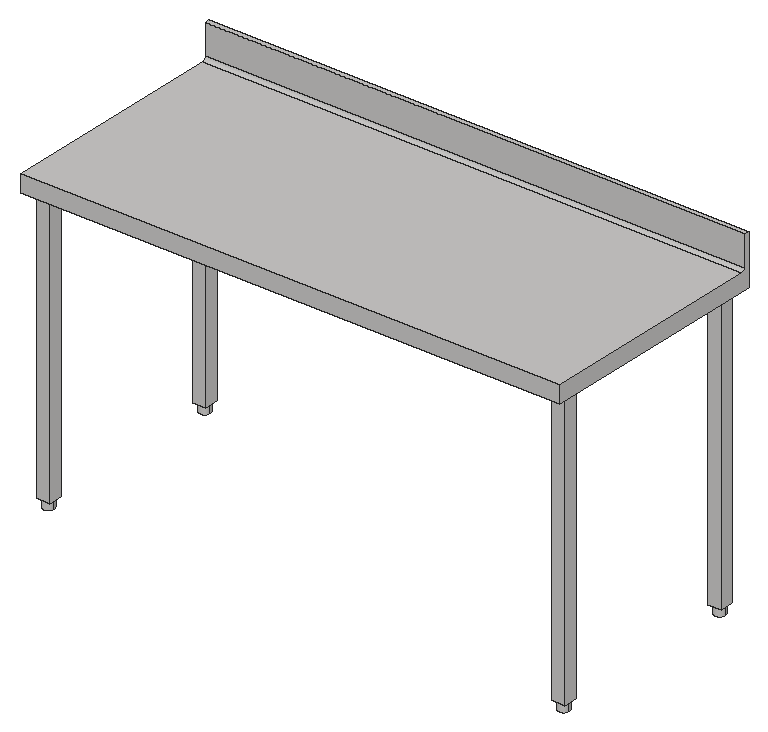
Revit family "QF_ELECTROLUXPROFESSIONAL_132733_TG1610PN", category Attrezzature speciali, Revit 2020
Family settings
  Quota connettore circolare = Usa diametro
  Tipo di parte = Normale
  Basato su piano di lavoro = No
  Sempre verticale = Sì
  Taglio con vuoti quando caricato = No
  Condiviso = No
  Punto di calcolo locali = No
Parameters (values of type "Standard")
  Weight = 50.00 kg
  Watts = 0 W
  Volts = 0 V
  URL Manufacturer = "https://www.electroluxprofessional.com/"
  URL = "https://www.electroluxprofessional.com/"
  Steam Supply Size = 0 mm
  Steam Supply Minimum Pressure = 0.0 Pa
  Steam Supply Maximum Pressure = 0.0 Pa
  Steam Consumption per Hour = 0
  Refrigeration Suction Line Size = 0.0 mm
  Refrigeration Liquid Line Size = 0.0 mm
  Refrigerant Compressor Remote = yes
  Prospetto di default = 0.0 mm
  Produttore = "Electrolux Professional"
  Phase = 0
  Modello = "TG1610PN"
  Length Actual = 1600.0 mm  # constant formula
  Item Number = "132733"
  Hot Water Size = 0 mm
  Height Actual = 1000.0 mm  # constant formula
  HP = "0 HP"
  Gas Size = 0 mm
  Gas KW = 0
  Gas Input Pressure = 0 W
  Direct Waste Size = 0 mm
  Descrizione = "WORK TABLE WITH UPSTAND 1600 MM"
  Depth Actual = 700.0 mm  # constant formula
  Cycle = 0 Hz
  Condensate Return Size = 0 mm
  Compressed Air Volume = 0.0 L/s
  Compressed Air Size = 0 mm
  Compressed Air Pressure = 0.0 Pa
  Cold Water Size = 0 mm
  Accessory = yes
Reference planes
  plane 1 "Center (Front/Back)": y = 0
  plane 2: z = 0
  plane 3 "Center (Left/Right)": x = -300
  plane 4 "LEFT": x = -1100
  plane 5 "RIGHT": x = 500
  plane 6 "BACK": y = 350
  plane 7 "FRONT": y = -350
  plane 8 "Base": z = 850
  plane 9 "TOP": z = 900
  plane 10: x = -1064.5
  plane 11: x = 464.5
  plane 12: y = 290
  plane 13: y = -290
Forms (mm)
  Extrusion 1, solid, material "QF_Finishes_Stainless Steel"
    sketch origin (-300, 0, 0) x (0, 1, 0) y (0, 0, 1)
      loop
        line (-350, 850) -> (350, 850) -> (350, 1000) -> (337, 1000) -> (337, 910)
        arc (337, 910) -> (334.071, 902.929) -> (327, 900) r 10
        line (327, 900) -> (-350, 900) -> (-350, 850)
    from 800 to -800
Lines and regions (mm)
  symbolic lines
    curve 1: line (500, 350, 900) -> (-1100, 350, 900)
    curve 2: line (-1100, 350, 900) -> (-1100, -350, 900)
    curve 3: line (-1100, -350, 900) -> (500, -350, 900)
    curve 4: line (500, -350, 900) -> (500, 350, 900)
    curve 5: line (500, 337, 900) -> (-1100, 337, 900)
Dimensions and locks
  plane 4 "LEFT" to plane 5 "RIGHT" = 1600.0 mm
  equal spacing: plane 4 "LEFT", plane 3 "Center (Left/Right)", plane 5 "RIGHT"
  locked: plane 8 "Base" to level at 850
  plane 4 "LEFT" to plane 10 = 35.5 mm
  plane 11 to plane 5 "RIGHT" = 35.5 mm
  plane 10 to plane 11 = 1529.0 mm
  locked: Extrusion 1 to level at 1000
  plane 9 "TOP" to level = 900.0 mm
  plane 6 "BACK" to plane 12 = 60.0 mm
  plane 13 to plane 7 "FRONT" = 60.0 mm
  plane 6 "BACK" to plane 7 "FRONT" = 700.0 mm
  plane 12 to plane 13 = 580.0 mm
  equal spacing: plane 6 "BACK", plane 1 "Center (Front/Back)", plane 7 "FRONT"
  aligned and locked: level to plane 2
  aligned and locked: plane 10 to nested 1
  aligned and locked: nested 1 to plane 13
  aligned and locked: plane 11 to nested 2
  aligned and locked: nested 2 to plane 13
  aligned and locked: plane 11 to nested 4
  aligned and locked: nested 4 to plane 12
  aligned and locked: plane 10 to nested 3
  aligned and locked: nested 3 to plane 12
  aligned and locked: Extrusion 1 to plane 4 "LEFT"
  aligned and locked: plane 5 "RIGHT" to Extrusion 1
  aligned and locked: curve 2 to plane 4 "LEFT"
Automatic sketch dimensions
  Extrusion 1 sketch curve to plane 7 "FRONT" = 0.0 mm
  Extrusion 1 sketch curve to plane 9 "TOP" = 0.0 mm
  Extrusion 1 sketch curve to plane 6 "BACK" = 0.0 mm
  Extrusion 1 sketch curve to plane 8 "Base" = 0.0 mm
  plane 9 "TOP" to Extrusion 1 sketch curve = 10.0 mm
  Extrusion 1 sketch curve to plane 6 "BACK" = 13.0 mm
  Extrusion 1 sketch curve to Extrusion 1 sketch curve = 90.0 mm
  curve 3 to plane 7 "FRONT" = 0.0 mm
  curve 5 to plane 5 "RIGHT" = 0.0 mm
  curve 4 to plane 6 "BACK" = 0.0 mm
  curve 5 to plane 6 "BACK" = 13.0 mm
Nested families
  nested 1: "FEET_40x40" at (-1064.5, -290, 0), type "FEET_40x40"
  nested 2: "FEET_40x40" at (464.5, -290, 0), type "FEET_40x40"
  nested 3: "FEET_40x40" at (-1064.5, 290, 0), type "FEET_40x40"
  nested 4: "FEET_40x40" at (464.5, 290, 0), type "FEET_40x40"
Definition of nested family "FEET_40x40"
  Parameters
    Default Elevation = 0.0 mm
    FEET = 850.0 mm
  Reference planes
    plane 1 "Center (Front/Back)": y = 0
    plane 2: z = 0
    plane 3 "Center (Left/Right)": x = 0
    plane 4: z = 850
  Forms (mm)
    Extrusion 1, solid
      sketch origin (0, 0, 0) x (1, 0, 0) y (0, 1, 0)
        loop
          line (-20, -20) -> (20, -20) -> (20, 20) -> (-20, 20) -> (-20, -20)
      from 25 to 845
    Extrusion 2, solid
      sketch origin (0, 0, 0) x (1, 0, 0) y (0, 1, 0)
        loop
          circle (0, 0) r 16
      from 0 to 25
    Extrusion 3, solid
      sketch origin (0, 0, 0) x (1, 0, 0) y (0, 1, 0)
        loop
          line (30, 30) -> (-30, 30) -> (-30, -30) -> (30, -30) -> (30, 30)
      from 845 to 850
  Lines and regions (mm)
    symbolic lines
      curve 1: line (0, -1.503, 0) -> (0, 1.508, 0)
      curve 2: line (1.561, 0, 0) -> (-1.439, 0, 0)
  Dimensions and locks
    "FEET": plane 4 to plane 2
    aligned and locked: level to plane 2
  Automatic sketch dimensions
    Extrusion 1 sketch curve to plane 3 "Center (Left/Right)" = 20.0 mm
    plane 3 "Center (Left/Right)" to Extrusion 1 sketch curve = 20.0 mm
    plane 1 "Center (Front/Back)" to Extrusion 1 sketch curve = 20.0 mm
    Extrusion 1 sketch curve to plane 1 "Center (Front/Back)" = 20.0 mm
    plane 1 "Center (Front/Back)" to Extrusion 2 sketch curve = 0.0 mm
    Extrusion 2 sketch curve to plane 3 "Center (Left/Right)" = 0.0 mm
    plane 3 "Center (Left/Right)" to Extrusion 3 sketch curve = 30.0 mm
    Extrusion 3 sketch curve to plane 1 "Center (Front/Back)" = 30.0 mm
    Extrusion 3 sketch curve to plane 3 "Center (Left/Right)" = 30.0 mm
    plane 1 "Center (Front/Back)" to Extrusion 3 sketch curve = 30.0 mm
    plane 1 "Center (Front/Back)" to curve 2 = 0.0 mm
    curve 1 to plane 3 "Center (Left/Right)" = 0.0 mm
    curve 2 to plane 3 "Center (Left/Right)" = 1.439 mm
    plane 3 "Center (Left/Right)" to curve 2 = 1.561 mm
    plane 1 "Center (Front/Back)" to curve 1 = 1.503 mm
    curve 1 to plane 1 "Center (Front/Back)" = 1.508 mm
    radius of Extrusion 2 sketch curve = 16.0 mm
